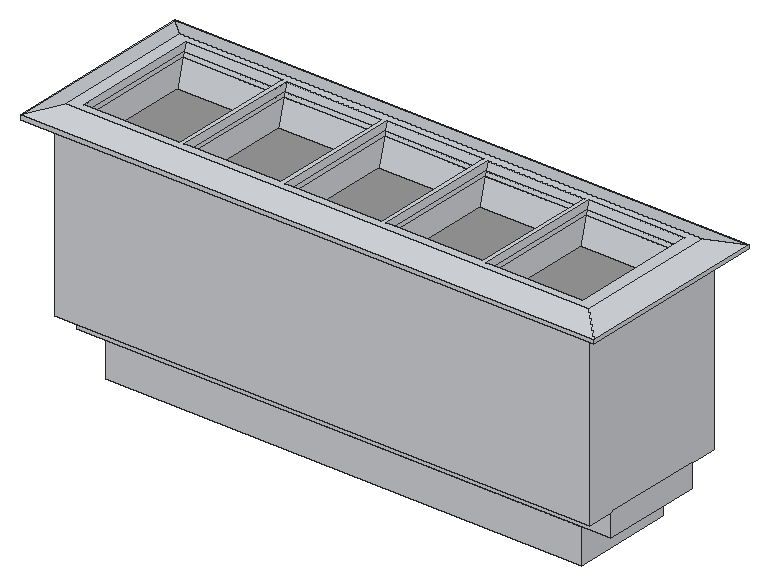
Revit family "2061126 Sylvania Lighting Fixture DOMINO 5xLED 940 BLACK NB TRIM BLACK", category Lighting Fixtures, host Face, Revit 2018
Family settings
  Host = Face
  Round Connector Dimension = Use Diameter
  Part Type = Normal
  OmniClass Number = 23.80.70.00
  OmniClass Title = Lighting
  Cut with Voids When Loaded = No
  Light Source = Yes
  Shared = No
  Room Calculation Point = No
Parameters (values of type "2061126 DOMINO 5XLED 940 BLACK NB TR BLK ")
  top top width = 15.812 mm
  top top length = 123 mm
  Width = 50 mm
  Weight = "n/a"
  Wattage Comments = ""
  Wattage = 9.2903 W
  WarrantyStartDate [instance] = "n/a"
  WarrantyGuarantorParts = "n/a"
  WarrantyDurationUnit = "n/a"
  WarrantyDurationParts = ""
  WarrantyDescription = "http://www.sylvania-lighting.com"
  built-in parameter 1150110 = 1 (stored number, unit not read)
  Voltage = 0 V
  URL = "0.6"
  TypeName = "DOMINO 5xLED 940 BLACK NB TRIM BLACK"
  Type Image = <None>
  Type Comments = "n/a"
  built-in parameter 1114217 = 1 (stored number, unit not read)
  Top Width = 26 mm
  Tilt Angle = 90.00°
  built-in parameter 1150109 = 1 (stored number, unit not read)
  built-in parameter 1150134 = 3
  built-in parameter 1150113 = 1 (stored number, unit not read)
  SerialNumber [instance] = "n/a"
  Recessed Width = 43 mm
  Recessed Length = 143 mm
  Photometric Web File = "2061126.ies"
  Material_3_FEILO = none
  PowerFactor = 0
  PowerConsumption = "Lighting"
  NominalLength = 50 mm
  NominalHeight = 0 mm
  NominalDepth = 0 mm
  Name = "DOMINO 5xLED 940 BLACK NB TRIM BLACK"
  ModelReference = Name  # "DOMINO 5xLED 940 BLACK NB TRIM BLACK"
  ModelNumber = "2061126"
  Model = Name  # "DOMINO 5xLED 940 BLACK NB TRIM BLACK"
  Material = "Feilo Sylvania"
  ManufacturerName = "67 lm/W"
  Manufacturer = ""
  LuminousEfficacy = ""
  built-in parameter 1150105 = 109.82 (stored number, unit not read)
  Lumens = 1380 lm
  LuminaireType = "0"
  built-in parameter 1150115 = 1 (stored number, unit not read)
  LightOutputRatio = "LED"
  built-in parameter 1150137 = (empty or 0)
  built-in parameter 1150139 = (empty or 0)
  Lens inside recess = 25 mm
  Lens Width = 32 mm
  Lens Outside recess = 31.978 mm
  Lens = Glass, White, High Luminance
  Length = 148 mm
  LampsType = Lamp  # "n/a"
  LampNominalLuminous = "4000 K"
  LampMacAdamStep = "90"
  LampColourTemperature = "LED"
  LampColourRenderingIndex = "16500"
  built-in parameter 1150112 = 1 (stored number, unit not read)
  built-in parameter 1150114 = 1 (stored number, unit not read)
  Lamp = "n/a"
  Keynote = "n/a"
  InstallationDate [instance] = "n/a"
  InputVoltage = "0"
  InputNominalFrequency = "4000"
  built-in parameter 1150132 = (empty or 0)
  built-in parameter 1150102 = (empty or 0)
  built-in parameter 1150107 = 3200 (stored number, unit not read)
  built-in parameter 1150138 = (empty or 0)
  IngressProtection = "IfcLightFixtureType"
  ImpactProtectionIndex = "IfcLightFixtureType"
  built-in parameter 1150106 = 1.0982 (stored number, unit not read)
  IfcExportType = "IfcLightFixtureType"
  IfcExportAs = "Class II"
  Facia internal width = 37 mm
  Facia internal length = 135 mm
  Facia Height = 2 mm
  ExpectedLife = 50000
  Emit from Circle Diameter = 609.6 mm
  Emit Shape Visible in Rendering = no
  ElectricShockClassification = "67"
  built-in parameter 1150104 = 13.8 (stored number, unit not read)
  DurationUnit = "hours"
  DocumentationLiterature = "http://www.sylvania-lighting.com/product/en-int/products/2061126"
  DimmingControlOptions = "n/a"
  Material_2_FEILO = none
  Dimming Lamp Color Temperature Shift = <None>
  Description = "Modular LED recessed linear spotlight, ideal for retail and hospitality applications. Die-cast aluminium body, passive cooling. Two levels of reflector installation, low glaring UGR<16. 5x LED source, 15° beam angle , optics: PMMA lens and polycarbonate reflector combination, Black matt reflector finish. Light color temperature: 4000K neutral white, total system power: 13W , total fixture lumen output: 860lm, efficacy: 67 lm/W, Ra90 typical, LED chromacity: 3 step MacAdam ellipse (SDCM3), lifespan: 96,000 hours at 90% of the original output (L90B10), IR/UV free light source without heat radiation, operating voltage: 220-240V / 50-60Hz, electronic driver, ultra low flicker, non-dimmable , electrical protection: Class II. Degree of Protection: IP40/IP20, suitable for indoor environment only. Ceiling cut-out: 43x43mm, outer dimensions:  150x50mm trim frame RAL 9005 - Jet black color.5 years Warranty."
  Default Elevation = 1219.2 mm
  CreatedOn = "10/02/2021"
  CreatedBy = "@sylvania-lighting.com"
  Cost = 0
  Color Filter = 16777215
  built-in parameter 1114216 [instance] = (empty or 0)
  ClassificationValue = "EF_70_80"
  ClassificationName = "Uniclass2015"
  Material_1_FEILO = none
  Body Width = 40 mm
  Body Length = 138 mm
  BarCode [instance] = "n/a"
  built-in parameter 1114218 = 1 (stored number, unit not read)
  built-in parameter 1150133 = 10 (stored number, unit not read)
  AssetType = "Fixed"
  AssetIdentifier [instance] = "n/a"
  Assembly Code = "D5020200"
  Apparent Load = 13 VA
  Material_4_FEILO = none
Reference planes
  plane 1 "Center (Front/Back)": y = 0
  plane 2: z = 0
  plane 3 "Center (Left/Right)": x = 0
  plane 4: z = 0
  plane 5: z = -7
  plane 6: z = -45.895
  plane 7: z = -51.895
  plane 8: z = -60.895
  plane 9: x = -71.5
  plane 10: x = 71.5
  plane 11: y = 21.5
  plane 12: y = -21.5
  plane 13: x = -74
  plane 14: x = 74
  plane 15: y = 25
  plane 16: y = -25
  plane 17: x = 67.5
  plane 18: x = -67.5
  plane 19: y = 18.5
  plane 20: y = -18.5
  plane 21: z = 2
  plane 22: x = -69
  plane 23: x = 69
  plane 24: y = 20
  plane 25: y = -20
  plane 26: y = 13
  plane 27: y = -13
  plane 28: x = 61.5
  plane 29: x = -61.5
  plane 30: x = -65.5
  plane 31: y = 16.5
  plane 32: y = -16.472
  plane 33: x = -40.5
  plane 34: x = -41
  plane 35: x = -65
  plane 36: y = 13
  plane 37: y = -12.972
  plane 38: x = -39.5
  plane 39: x = -14.48
  plane 40: x = -13.48
  plane 41: x = 11.52
  plane 42: x = 12.52
  plane 43: x = 37.52
  plane 44: x = 38.52
  plane 45: x = 64.5
Forms (mm)
  Extrusion 1, solid, not visible, detail levels medium+fine
    sketch origin (4.2, 0, 0) x (1, 0, 0) y (0, 1, 0)
      loop
        line (-29.2, 34.5) -> (-29.2, -34.5) -> (20.8, -34.5) -> (20.8, 34.5) -> (-29.2, 34.5)
    from 0 to 1
  Extrusion 2, solid, not visible, detail levels medium+fine
    sketch origin (4.044, 0, 0) x (1, 0, 0) y (0, 1, 0)
      loop
        line (-29.2, 34.5) -> (-29.2, -34.5) -> (20.8, -34.5) -> (20.8, 34.5) -> (-29.2, 34.5)
    from 0 to 1
  Blend 3, solid, not visible, detail levels medium+fine
    base sketch origin (4.2, 0, 0) x (1, 0, 0) y (0, 1, 0)
      loop
        line (-29.2, 34.5) -> (-29.2, -34.5) -> (20.8, -34.5) -> (20.8, 34.5) -> (-29.2, 34.5)
    top sketch origin (4.2, 0, 0) x (1, 0, 0) y (0, 1, 0)
      loop
        line (-21.7, 28) -> (-21.7, -28) -> (13.3, -28) -> (13.3, 28) -> (-21.7, 28)
    from 1 to 3
  Extrusion 4, solid, not visible, detail levels medium+fine
    sketch origin (3.419, 0, 0) x (1, 0, 0) y (0, 1, 0)
      loop
        line (-29.2, 34.5) -> (-29.2, -34.5) -> (20.8, -34.5) -> (20.8, 34.5) -> (-29.2, 34.5)
    from 0 to 1
  Blend 5, solid, not visible, detail levels medium+fine
    base sketch origin (3.575, 0, 0) x (1, 0, 0) y (0, 1, 0)
      loop
        line (-29.2, 34.5) -> (-29.2, -34.5) -> (20.8, -34.5) -> (20.8, 34.5) -> (-29.2, 34.5)
    top sketch origin (3.575, 0, 0) x (1, 0, 0) y (0, 1, 0)
      loop
        line (-21.7, 28) -> (-21.7, -28) -> (13.3, -28) -> (13.3, 28) -> (-21.7, 28)
    from 1 to 3
  Extrusion 6, solid, not visible, detail levels medium+fine
    sketch origin (4.247, 0, 0) x (1, 0, 0) y (0, 1, 0)
      loop
        line (-29.2, 34.5) -> (-29.2, -34.5) -> (20.8, -34.5) -> (20.8, 34.5) -> (-29.2, 34.5)
    from 0 to 1
  Blend 7, solid, not visible, detail levels medium+fine
    base sketch origin (4.403, 0, 0) x (1, 0, 0) y (0, 1, 0)
      loop
        line (-29.2, 34.5) -> (-29.2, -34.5) -> (20.8, -34.5) -> (20.8, 34.5) -> (-29.2, 34.5)
    top sketch origin (4.403, 0, 0) x (1, 0, 0) y (0, 1, 0)
      loop
        line (-21.7, 28) -> (-21.7, -28) -> (13.3, -28) -> (13.3, 28) -> (-21.7, 28)
    from 1 to 3
  Extrusion 8, void, detail levels medium+fine
    sketch origin (4.2, 0, 0) x (0, 1, 0) y (1, 0, 0)
      loop
        line (21.5, -75.7) -> (21.5, 67.3) -> (-21.5, 67.3) -> (-21.5, -75.7) -> (21.5, -75.7)
    from -9.934 to 83.097
  Extrusion 9, solid, detail levels medium+fine
    sketch origin (4.2, 0, 0) x (1, 0, 0) y (0, 1, 0)
      loop
        line (-78.2, 25) -> (-78.2, -25) -> (69.8, -25) -> (69.8, 25) -> (-78.2, 25)
    from 0 to 1
  Extrusion 10, solid, detail levels medium+fine
    sketch origin (4.2, 0, 0) x (1, 0, 0) y (0, 1, 0)
      loop
        line (-73.2, 20) -> (-73.2, -20) -> (64.8, -20) -> (64.8, 20) -> (-73.2, 20)
    from 0 to -45.895
  Extrusion 11, solid, detail levels medium+fine
    sketch origin (4.2, 0, 0) x (1, 0, 0) y (0, 1, 0)
      loop
        line (-73.2, 13) -> (-73.2, -13) -> (64.8, -13) -> (64.8, 13) -> (-73.2, 13)
    from -51.895 to -45.895
  Extrusion 12, solid, material "Glass, White, High Luminance" <- "Lens", detail levels fine
    sketch origin (11.874, 1219.733, 36.156) x (1, 0, 0) y (0, 1, 0)
      loop
        line (-75.883, -1206.7) -> (-75.883, -1232.733) -> (-51.887, -1232.733) -> (-51.887, -1206.7) -> (-75.883, -1206.7)
    from -43.156 to -42.182
  Blend 13, solid, detail levels medium+fine
    base sketch origin (4.2, 0, 0) x (1, 0, 0) y (0, 1, 0)
      loop
        line (-78.2, 25) -> (-78.2, -25) -> (69.8, -25) -> (69.8, 25) -> (-78.2, 25)
    top sketch origin (4.2, 0, 0) x (1, 0, 0) y (0, 1, 0)
      loop
        line (-71.7, 18.5) -> (-71.7, -18.5) -> (63.3, -18.5) -> (63.3, 18.5) -> (-71.7, 18.5)
    from 1 to 3
  Extrusion 14, solid, detail levels fine
    sketch origin (0, 0, 0) x (1, 0, 0) y (0, 0, 1)
      loop
        line (-61.5, -51.895) -> (-61.5, -60.895) -> (61.5, -60.895) -> (61.5, -51.895) -> (-61.5, -51.895)
    from -13 to 13
  Blend 15, void
    base sketch origin (5.187, 0, 0) x (0, 1, 0) y (-1, 0, 0)
      loop
        line (16.5, 69.7) -> (-16.472, 69.7) -> (-16.472, 44.7) -> (16.5, 44.7) -> (16.5, 69.7)
    top sketch origin (5.187, 0, 0) x (0, 1, 0) y (-1, 0, 0)
      loop
        line (13, 69.2) -> (-12.972, 69.2) -> (-12.972, 45.2) -> (13, 45.2) -> (13, 69.2)
    from 3 to -7
  Blend 16, void
    base sketch origin (31.202, 0, 0) x (0, 1, 0) y (-1, 0, 0)
      loop
        line (16.5, 69.7) -> (-16.472, 69.7) -> (-16.472, 44.7) -> (16.5, 44.7) -> (16.5, 69.7)
    top sketch origin (31.202, 0, 0) x (0, 1, 0) y (-1, 0, 0)
      loop
        line (13, 69.2) -> (-12.972, 69.2) -> (-12.972, 45.2) -> (13, 45.2) -> (13, 69.2)
    from 3 to -7
  Blend 17, void
    base sketch origin (57.213, -0.017, 0) x (0, 1, 0) y (-1, 0, 0)
      loop
        line (16.5, 69.7) -> (-16.472, 69.7) -> (-16.472, 44.7) -> (16.5, 44.7) -> (16.5, 69.7)
    top sketch origin (57.213, -0.017, 0) x (0, 1, 0) y (-1, 0, 0)
      loop
        line (13, 69.2) -> (-12.972, 69.2) -> (-12.972, 45.2) -> (13, 45.2) -> (13, 69.2)
    from 3 to -7
  Blend 18, void
    base sketch origin (83.222, 0, 0) x (0, 1, 0) y (-1, 0, 0)
      loop
        line (16.5, 69.7) -> (-16.472, 69.7) -> (-16.472, 44.7) -> (16.5, 44.7) -> (16.5, 69.7)
    top sketch origin (83.222, 0, 0) x (0, 1, 0) y (-1, 0, 0)
      loop
        line (13, 69.2) -> (-12.972, 69.2) -> (-12.972, 45.2) -> (13, 45.2) -> (13, 69.2)
    from 3 to -7
  Blend 19, void
    base sketch origin (109.202, 0, 0) x (0, 1, 0) y (-1, 0, 0)
      loop
        line (16.5, 69.7) -> (-16.472, 69.7) -> (-16.472, 44.7) -> (16.5, 44.7) -> (16.5, 69.7)
    top sketch origin (109.202, 0, 0) x (0, 1, 0) y (-1, 0, 0)
      loop
        line (13, 69.2) -> (-12.972, 69.2) -> (-12.972, 45.2) -> (13, 45.2) -> (13, 69.2)
    from 3 to -7
  Extrusion 20, solid, material "Glass, White, High Luminance" <- "Lens", detail levels fine
    sketch origin (37.889, 1219.733, 36.156) x (1, 0, 0) y (0, 1, 0)
      loop
        line (-75.883, -1206.7) -> (-75.883, -1232.733) -> (-51.887, -1232.733) -> (-51.887, -1206.7) -> (-75.883, -1206.7)
    from -43.156 to -42.182
  Extrusion 21, solid, material "Glass, White, High Luminance" <- "Lens", detail levels fine
    sketch origin (63.896, 1219.733, 36.156) x (1, 0, 0) y (0, 1, 0)
      loop
        line (-75.883, -1206.7) -> (-75.883, -1232.733) -> (-51.887, -1232.733) -> (-51.887, -1206.7) -> (-75.883, -1206.7)
    from -43.156 to -42.182
  Extrusion 22, solid, material "Glass, White, High Luminance" <- "Lens", detail levels fine
    sketch origin (89.905, 1219.733, 36.156) x (1, 0, 0) y (0, 1, 0)
      loop
        line (-75.883, -1206.7) -> (-75.883, -1232.733) -> (-51.887, -1232.733) -> (-51.887, -1206.7) -> (-75.883, -1206.7)
    from -43.156 to -42.182
  Extrusion 23, solid, material "Glass, White, High Luminance" <- "Lens", detail levels fine
    sketch origin (115.886, 1219.733, 36.156) x (1, 0, 0) y (0, 1, 0)
      loop
        line (-75.883, -1206.7) -> (-75.883, -1232.733) -> (-51.887, -1232.733) -> (-51.887, -1206.7) -> (-75.883, -1206.7)
    from -43.156 to -42.182
  Extrusion 24, solid, detail levels coarse
    sketch origin (4.2, 0, 0) x (1, 0, 0) y (0, 1, 0)
      loop
        line (-78.2, 25) -> (-78.2, -25) -> (69.8, -25) -> (69.8, 25) -> (-78.2, 25)
    from 3 to -60.895
Cuts and joins
  Blend 15, Blend 16, Blend 17, Blend 18, Blend 19 cuts Extrusion 9
  Blend 15, Blend 16, Blend 17, Blend 18, Blend 19 cuts Extrusion 10
  Blend 15, Blend 16, Blend 17, Blend 18, Blend 19 cuts Blend 13
Dimensions and locks
  "Recessed Length": plane 9 to plane 10
  equal spacing: plane 9, plane 3 "Center (Left/Right)", plane 10
  "Length": plane 13 to plane 14
  equal spacing: plane 13, plane 3 "Center (Left/Right)", plane 14
  "Recessed Width": plane 11 to plane 12
  equal spacing: plane 11, plane 1 "Center (Front/Back)", plane 12
  "Width": plane 15 to plane 16
  equal spacing: plane 15, plane 1 "Center (Front/Back)", plane 16
  "Facia internal length": plane 18 to plane 17
  equal spacing: plane 18, plane 3 "Center (Left/Right)", plane 17
  "Facia internal width": plane 19 to plane 20
  equal spacing: plane 19, plane 1 "Center (Front/Back)", plane 20
  "Facia Height": plane 21 to host face
  "Body Length": plane 22 to plane 23
  equal spacing: plane 22, plane 3 "Center (Left/Right)", plane 23
  "Body Width": plane 24 to plane 25
  equal spacing: plane 24, plane 1 "Center (Front/Back)", plane 25
  "Top Width": plane 26 to plane 27
  equal spacing: plane 26, plane 1 "Center (Front/Back)", plane 27
  "top top length": plane 29 to plane 28
  equal spacing: plane 29, plane 3 "Center (Left/Right)", plane 28  (x2)
  plane 28 to plane 29 = 123 mm
  equal spacing: plane 28, plane 3 "Center (Left/Right)", plane 29
  aligned and locked: plane 2 to host face
  aligned and locked: level to host face
  aligned and locked: Extrusion 11 to plane 7
  aligned and locked: Extrusion 10 to plane 6
  aligned and locked: Extrusion 12 to plane 5
Automatic sketch dimensions
  Extrusion 1 sketch curve to Extrusion 1 sketch curve = 50 mm
  Extrusion 1 sketch curve to Extrusion 1 sketch curve = 69 mm
  Extrusion 2 sketch curve to Extrusion 2 sketch curve = 50 mm
  Extrusion 2 sketch curve to Extrusion 2 sketch curve = 69 mm
  Blend 3 sketch curve to Blend 3 sketch curve = 50 mm
  Blend 3 sketch curve to Blend 3 sketch curve = 69 mm
  Blend 3 sketch curve to Blend 3 sketch curve = 35 mm
  Blend 3 sketch curve to Blend 3 sketch curve = 56 mm
  Extrusion 4 sketch curve to Extrusion 4 sketch curve = 50 mm
  Extrusion 4 sketch curve to Extrusion 4 sketch curve = 69 mm
  Blend 5 sketch curve to Blend 5 sketch curve = 50 mm
  Blend 5 sketch curve to Blend 5 sketch curve = 69 mm
  Blend 5 sketch curve to Blend 5 sketch curve = 35 mm
  Blend 5 sketch curve to Blend 5 sketch curve = 56 mm
  Extrusion 6 sketch curve to Extrusion 6 sketch curve = 50 mm
  Extrusion 6 sketch curve to Extrusion 6 sketch curve = 69 mm
  Blend 7 sketch curve to Blend 7 sketch curve = 50 mm
  Blend 7 sketch curve to Blend 7 sketch curve = 69 mm
  Blend 7 sketch curve to Blend 7 sketch curve = 35 mm
  Blend 7 sketch curve to Blend 7 sketch curve = 56 mm
  host sketch curve to host sketch curve = 2438.4 mm  (x2)
  Extrusion 8 sketch curve to plane 9 = 0 mm
  Extrusion 8 sketch curve to plane 12 = 0 mm
  Extrusion 8 sketch curve to plane 11 = 0 mm
  Extrusion 8 sketch curve to plane 10 = 0 mm
  Extrusion 9 sketch curve to plane 13 = 0 mm
  Extrusion 9 sketch curve to plane 14 = 0 mm
  Extrusion 9 sketch curve to plane 16 = 0 mm
  Extrusion 9 sketch curve to plane 15 = 0 mm
  Extrusion 10 sketch curve to plane 22 = 0 mm
  Extrusion 10 sketch curve to plane 23 = 0 mm
  Extrusion 10 sketch curve to plane 25 = 0 mm
  Extrusion 10 sketch curve to plane 24 = 0 mm
  Extrusion 11 sketch curve to plane 22 = 0 mm
  Extrusion 11 sketch curve to plane 23 = 0 mm
  Extrusion 11 sketch curve to plane 27 = 0 mm
  Extrusion 11 sketch curve to plane 26 = 0 mm
  Extrusion 12 sketch curve to plane 27 = 0 mm
  plane 35 to Extrusion 12 sketch curve = 0.991 mm
  plane 26 to Extrusion 12 sketch curve = 0.033 mm
  plane 33 to Extrusion 12 sketch curve = 0.487 mm
  Blend 13 sketch curve to plane 13 = 0 mm
  Blend 13 sketch curve to plane 14 = 0 mm
  Blend 13 sketch curve to plane 16 = 0 mm
  Blend 13 sketch curve to plane 15 = 0 mm
  Blend 13 sketch curve to plane 18 = 0 mm
  Blend 13 sketch curve to plane 17 = 0 mm
  Blend 13 sketch curve to plane 20 = 0 mm
  Blend 13 sketch curve to plane 19 = 0 mm
  Extrusion 14 sketch curve to plane 8 = 0 mm
  Extrusion 14 sketch curve to plane 29 = 0 mm
  Extrusion 14 sketch curve to plane 28 = 0 mm
  Extrusion 14 sketch curve to plane 7 = 0 mm
  Blend 15 sketch curve to plane 32 = 0 mm
  Blend 15 sketch curve to plane 31 = 0 mm
  Blend 15 sketch curve to plane 38 = 0.013 mm
  plane 35 to Blend 15 sketch curve = 0.487 mm
  Blend 15 sketch curve to plane 37 = 0 mm
  Blend 15 sketch curve to plane 26 = 0 mm
  plane 33 to Blend 15 sketch curve = 0.487 mm
  plane 35 to Blend 15 sketch curve = 0.987 mm
  Blend 16 sketch curve to plane 32 = 0 mm
  Blend 16 sketch curve to plane 31 = 0 mm
  Blend 16 sketch curve to plane 40 = 0.018 mm
  plane 38 to Blend 16 sketch curve = 1.002 mm
  Blend 16 sketch curve to plane 37 = 0 mm
  Blend 16 sketch curve to plane 26 = 0 mm
  plane 39 to Blend 16 sketch curve = 0.482 mm
  plane 38 to Blend 16 sketch curve = 1.502 mm
  Blend 17 sketch curve to plane 32 = 0.017 mm
  Blend 17 sketch curve to plane 31 = 0.017 mm
  Blend 17 sketch curve to plane 42 = 0.007 mm
  plane 40 to Blend 17 sketch curve = 0.993 mm
  plane 27 to Blend 17 sketch curve = 0.011 mm
  Blend 17 sketch curve to plane 26 = 0.017 mm
  plane 41 to Blend 17 sketch curve = 0.493 mm
  plane 40 to Blend 17 sketch curve = 1.493 mm
  plane 32 to Blend 18 sketch curve = 0 mm
  plane 31 to Blend 18 sketch curve = 0 mm
  plane 44 to Blend 18 sketch curve = 0.002 mm
  plane 42 to Blend 18 sketch curve = 1.002 mm
  plane 37 to Blend 18 sketch curve = 0 mm
  plane 26 to Blend 18 sketch curve = 0 mm
  Blend 18 sketch curve to plane 44 = 0.498 mm
  plane 42 to Blend 18 sketch curve = 1.502 mm
  Blend 19 sketch curve to plane 32 = 0 mm
  Blend 19 sketch curve to plane 31 = 0 mm
  plane 45 to Blend 19 sketch curve = 0.002 mm
  plane 44 to Blend 19 sketch curve = 0.982 mm
  Blend 19 sketch curve to plane 37 = 0 mm
  Blend 19 sketch curve to plane 26 = 0 mm
  Blend 19 sketch curve to plane 45 = 0.498 mm
  plane 44 to Blend 19 sketch curve = 1.482 mm
  Extrusion 20 sketch curve to plane 27 = 0 mm
  plane 38 to Extrusion 20 sketch curve = 1.506 mm
  plane 26 to Extrusion 20 sketch curve = 0.033 mm
  plane 39 to Extrusion 20 sketch curve = 0.482 mm
  Extrusion 21 sketch curve to plane 27 = 0 mm
  plane 40 to Extrusion 21 sketch curve = 1.493 mm
  plane 26 to Extrusion 21 sketch curve = 0.033 mm
  plane 41 to Extrusion 21 sketch curve = 0.49 mm
  Extrusion 22 sketch curve to plane 27 = 0 mm
  plane 42 to Extrusion 22 sketch curve = 1.502 mm
  plane 26 to Extrusion 22 sketch curve = 0.033 mm
  plane 43 to Extrusion 22 sketch curve = 0.498 mm
  Extrusion 23 sketch curve to plane 27 = 0 mm
  plane 44 to Extrusion 23 sketch curve = 1.482 mm
  plane 26 to Extrusion 23 sketch curve = 0.033 mm
  Extrusion 23 sketch curve to plane 45 = 0.501 mm
  Extrusion 24 sketch curve to plane 13 = 0 mm
  Extrusion 24 sketch curve to plane 14 = 0 mm
  Extrusion 24 sketch curve to plane 16 = 0 mm
  Extrusion 24 sketch curve to plane 15 = 0 mm
Connectors
  electrical at (0, 0, -60.895)
    settings: on Extrusion 14, index 1, voltage 0 V, apparent load 0 VA, apparent load phase1 0 VA, apparent load phase2 0 VA, apparent load phase3 0 VA, power factor 1, load classification "Other", number of poles 1, system type 31, power factor state 1, is connector primary yes, connector utility no, sub classification motor no, connector description ""
